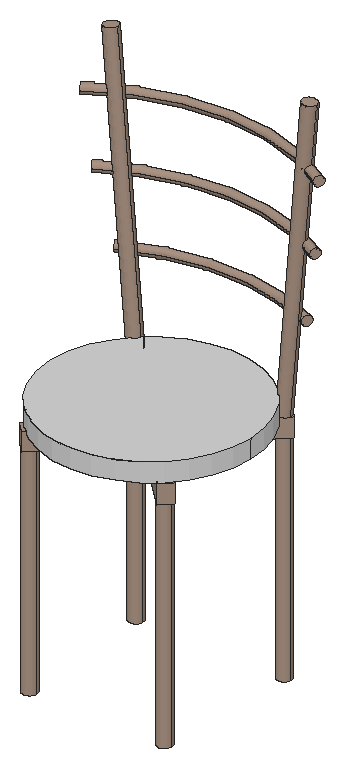
Revit family
Parameters
  Material of Chair = Chair Material
  Material of Upholstry = Upholstry Material
Reference planes
  plane 1 "Center (Front/Back)": y = 0
  plane 2: z = 0
  plane 3 "Center (Left/Right)": x = 0
  plane 4: y = 158.862
Forms (mm)
  Extrusion 1, solid, material "Upholstry Material" <- "Material of Upholstry"
    sketch origin (0, 0.01, 0) x (1, 0, 0) y (0, 1, 0)
      loop
        circle (0, 0) r 215
    from 509.714 to 549.714
  Extrusion 2, solid, material "Chair Material" <- "Material of Chair"
    sketch origin (0, 0.01, 0) x (1, 0, 0) y (0, 1, 0)
      loop
        line (-166.17, -144.957) -> (-144.957, -166.17) -> (0, -21.213) -> (144.957, -166.17) -> (166.17, -144.957) -> (21.213, 0) -> (180.312, 159.099) -> (159.099, 180.312) -> (0, 21.213) -> (-159.099, 180.312) -> (-180.312, 159.099) -> (-21.213, 0) -> (-166.17, -144.957)
    from 509.714 to 469.714
  Extrusion 3, solid, material "Chair Material" <- "Material of Chair"
    sketch origin (0, 0.01, 0) x (1, 0, 0) y (0, 1, 0)
      loop
        circle (-159.293, 158.906) r 15
      loop
        circle (-145.152, -144.765) r 15
      loop
        circle (145.152, -144.765) r 15
      loop
        circle (159.293, 158.906) r 15
    from 0 to 469.714
  Sweep 4, solid, material "Chair Material" <- "Material of Chair"
    path origin (0, -41.153, 0) x (1, 0, 0) y (0, 1, 0)
      loop
        arc (-232.176, 136.96) -> (-2.745, 209.3) -> (226.686, 136.96) r 400
    profile origin (-2.745, 0, 0) x (0, 1, 0) y (0, 0, 1)
      loop
        circle (215.189, 1000) r 10
  Sweep 5, solid, material "Chair Material" <- "Material of Chair"
    path origin (0, -41.153, -150) x (1, 0, 0) y (0, 1, 0)
      loop
        arc (-217.665, 146.656) -> (-2.745, 209.3) -> (212.175, 146.656) r 400
    profile origin (-2.745, 0, 0) x (0, 1, 0) y (0, 0, 1)
      loop
        circle (215.189, 850) r 10
  Sweep 6, solid, material "Chair Material" <- "Material of Chair"
    path origin (0, -41.153, -300) x (1, 0, 0) y (0, 1, 0)
      loop
        arc (-187.444, 164.104) -> (-2.745, 209.3) -> (181.955, 164.104) r 400
    profile origin (-2.745, 0, 0) x (0, 1, 0) y (0, 0, 1)
      loop
        circle (215.189, 700) r 10
  Sweep 7, solid, material "Chair Material" <- "Material of Chair"
    path origin (49.733, 158.862, 1.048) x (1, 0, 0) y (0, 0, 1)
      loop
        line (109.745, 508.667) -> (163.781, 1126.307)
    profile origin (72.485, 0, 828.509) x (-0.996195, 0, 0.087156) y (0, -1, 0)
      loop
        circle (-114.447, -158.862) r 15
  Sweep 8, solid, material "Chair Material" <- "Material of Chair"
    path origin (-49.733, 158.862, 1.048) x (-1, 0, 0) y (0, 0, -1)
      loop
        line (109.745, -508.667) -> (163.781, -1126.307)
    profile origin (-72.485, 0, 828.509) x (0.996195, 0, 0.087156) y (0, 1, 0)
      loop
        circle (-114.447, 158.862) r 15
Dimensions and locks
  radius of Extrusion 1 = 215 mm
  aligned and locked: Extrusion 2 sketch curve to Extrusion 2 sketch curve  (x2)
  aligned and locked: Extrusion 3 to Extrusion 2
  aligned and locked: Extrusion 1 to Extrusion 2
